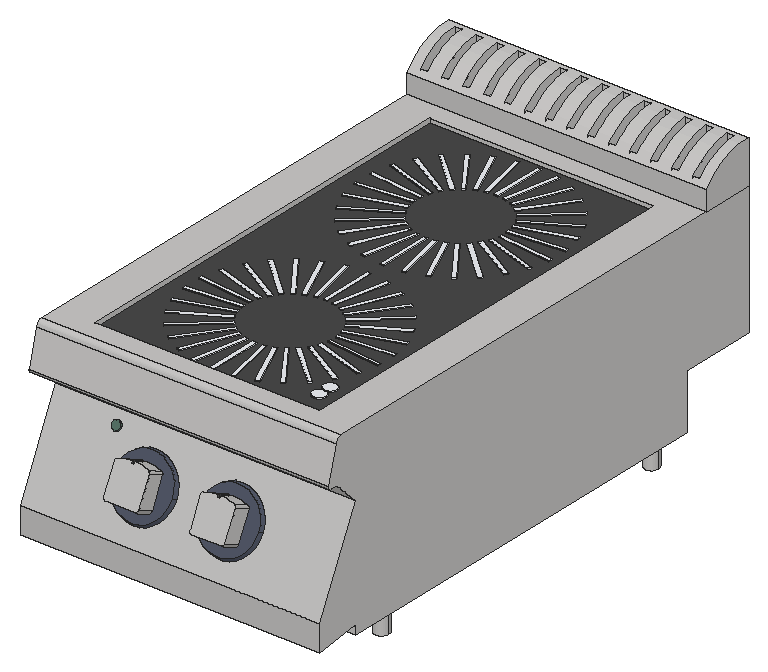
Revit family "QF_ZANUSSI_372024_Z7IRED2000", category Specialty Equipment, Revit 2018 (continued)
Lines and regions (mm)
  symbolic lines
    curve 296: line (143.751, -529.981, 266.887) -> (73.947, -552.662, 266.887)
    curve 297: line (73.947, -552.662, 266.887) -> (75.492, -557.417, 266.887)
    curve 298: line (87.045, -582.375, 266.887) -> (150.608, -545.677, 266.887)
    curve 299: line (150.608, -545.677, 266.887) -> (148.108, -541.347, 266.887)
    curve 300: line (148.108, -541.347, 266.887) -> (84.545, -578.045, 266.887)
    curve 301: line (84.545, -578.045, 266.887) -> (87.045, -582.375, 266.887)
    curve 302: line (103.535, -604.386, 266.887) -> (158.078, -555.275, 266.887)
    curve 303: line (158.078, -555.275, 266.887) -> (154.733, -551.559, 266.887)
    curve 304: line (154.733, -551.559, 266.887) -> (100.189, -600.671, 266.887)
    curve 305: line (100.189, -600.671, 266.887) -> (103.535, -604.386, 266.887)
    curve 306: line (124.24, -622.488, 266.887) -> (167.381, -563.109, 266.887)
    curve 307: line (167.381, -563.109, 266.887) -> (163.336, -560.17, 266.887)
    curve 308: line (163.336, -560.17, 266.887) -> (120.195, -619.549, 266.887)
    curve 309: line (120.195, -619.549, 266.887) -> (124.24, -622.488, 266.887)
    curve 310: line (148.257, -635.889, 266.887) -> (178.109, -568.839, 266.887)
    curve 311: line (178.109, -568.839, 266.887) -> (173.542, -566.805, 266.887)
    curve 312: line (173.542, -566.805, 266.887) -> (143.689, -633.855, 266.887)
    curve 313: line (143.689, -633.855, 266.887) -> (148.257, -635.889, 266.887)
    curve 314: line (0, -700, 0) -> (400.05, -700, 0)
    curve 315: line (119.525, -700, 0) -> (119.525, -724.347, 0)
    curve 316: arc (119.525, -724.347, 0) -> (119.671, -724.811, 0) -> (120.057, -725.107, 0) r 0.809
    curve 317: arc (120.057, -725.107, 0) -> (121.245, -725.587, 0) -> (122.522, -725.68, 0) r 4.127
    curve 318: arc (119.525, -704.292, 0) -> (114.484, -702.458, 0) -> (109.716, -700, 0) r 42.24
    curve 319: arc (119.525, -706.539, 0) -> (120.027, -705.818, 0) -> (120.824, -705.448, 0) r 1.682
    curve 320: arc (120.824, -705.448, 0) -> (131.127, -703.95, 0) -> (141.525, -703.441, 0) r 109.079
    curve 321: line (141.525, -700, 0) -> (141.525, -705.671, 0)
    curve 322: line (141.525, -705.671, 0) -> (143.525, -705.671, 0)
    curve 323: line (143.525, -705.671, 0) -> (143.525, -700, 0)
    curve 324: line (165.525, -700, 0) -> (165.525, -724.347, 0)
    curve 325: arc (165.525, -724.347, 0) -> (165.379, -724.811, 0) -> (164.993, -725.107, 0) r 0.809
    curve 326: arc (164.993, -725.107, 0) -> (163.805, -725.587, 0) -> (162.528, -725.68, 0) r 4.127
    curve 327: arc (165.525, -704.292, 0) -> (170.566, -702.458, 0) -> (175.334, -700, 0) r 42.24
    curve 328: arc (165.525, -706.539, 0) -> (165.023, -705.818, 0) -> (164.226, -705.448, 0) r 1.682
    curve 329: arc (164.226, -705.448, 0) -> (153.923, -703.95, 0) -> (143.525, -703.441, 0) r 109.079
    curve 330: line (122.522, -725.68, 0) -> (162.528, -725.68, 0)
    curve 331: line (280.525, -700, 0) -> (280.525, -724.347, 0)
    curve 332: arc (280.525, -724.347, 0) -> (280.379, -724.811, 0) -> (279.993, -725.107, 0) r 0.809
    curve 333: arc (279.993, -725.107, 0) -> (278.805, -725.587, 0) -> (277.528, -725.68, 0) r 4.127
    curve 334: arc (280.525, -704.292, 0) -> (285.566, -702.458, 0) -> (290.334, -700, 0) r 42.24
    curve 335: arc (280.525, -706.539, 0) -> (280.023, -705.818, 0) -> (279.226, -705.448, 0) r 1.682
    curve 336: arc (279.226, -705.448, 0) -> (268.923, -703.95, 0) -> (258.525, -703.441, 0) r 109.079
    curve 337: line (258.525, -700, 0) -> (258.525, -705.671, 0)
    curve 338: line (258.525, -705.671, 0) -> (256.525, -705.671, 0)
    curve 339: line (256.525, -705.671, 0) -> (256.525, -700, 0)
    curve 340: line (234.525, -700, 0) -> (234.525, -724.347, 0)
    curve 341: arc (234.525, -724.347, 0) -> (234.671, -724.811, 0) -> (235.057, -725.107, 0) r 0.809
    curve 342: arc (235.057, -725.107, 0) -> (236.245, -725.587, 0) -> (237.522, -725.68, 0) r 4.127
    curve 343: arc (234.525, -704.292, 0) -> (229.484, -702.458, 0) -> (224.716, -700, 0) r 42.24
    curve 344: arc (234.525, -706.539, 0) -> (235.027, -705.818, 0) -> (235.824, -705.448, 0) r 1.682
    curve 345: arc (235.824, -705.448, 0) -> (246.127, -703.95, 0) -> (256.525, -703.441, 0) r 109.079
    curve 346: line (277.528, -725.68, 0) -> (237.522, -725.68, 0)
    curve 347: line (165.525, -715, 0) -> (234.525, -715, 0)
    curve 348: line (280.525, -715, 0) -> (400.05, -715, 0)
    curve 349: line (0, -715, 0) -> (119.525, -715, 0)
    curve 350: circle (327.057, -606.884, 273.237) r 9 normal (0, 0, 1)
    curve 351: circle (327.057, -624.884, 273.237) r 9 normal (0, 0, 1)
Dimensions and locks
  equal spacing: plane 3 "LEFT", plane 7 "Center Y", plane 4 "RIGHT"
  "Width": plane 3 "LEFT" to plane 4 "RIGHT"
  equal spacing: plane 5 "FRONT", plane 8 "Center X", plane 1 "BACK"
  "Depth": plane 5 "FRONT" to plane 1 "BACK"
  "Height": plane 6 "TOP" to level
  "Base Height": plane 9 "BASE" to level
  plane 1 "BACK" to plane 5 "FRONT" = 715.00 mm
  plane 10 "TOP A" to plane 9 "BASE" = 250.00 mm
  plane 1 "BACK" to plane 13 = 700.00 mm
  aligned and locked: level to plane 2
  aligned and locked: plane 4 "RIGHT" to Extrusion 1
  aligned and locked: plane 4 "RIGHT" to Extrusion 2
  aligned and locked: plane 9 "BASE" to Extrusion 18
  aligned and locked: plane 6 "TOP" to Extrusion 20
Automatic sketch dimensions
  Extrusion 21 sketch curve to Extrusion 21 sketch curve = 5.00 mm
  Extrusion 21 sketch curve to Extrusion 21 sketch curve = 73.396 mm
  Extrusion 22 sketch curve to Extrusion 22 sketch curve = 5.00 mm
  Extrusion 22 sketch curve to Extrusion 22 sketch curve = 73.396 mm
  Extrusion 23 sketch curve to Extrusion 23 sketch curve = 5.00 mm
  Extrusion 23 sketch curve to Extrusion 23 sketch curve = 73.396 mm
  Extrusion 24 sketch curve to Extrusion 24 sketch curve = 5.00 mm
  Extrusion 24 sketch curve to Extrusion 24 sketch curve = 73.396 mm
  Extrusion 25 sketch curve to Extrusion 25 sketch curve = 5.00 mm
  Extrusion 25 sketch curve to Extrusion 25 sketch curve = 73.396 mm
  Extrusion 26 sketch curve to Extrusion 26 sketch curve = 5.00 mm
  Extrusion 26 sketch curve to Extrusion 26 sketch curve = 73.396 mm
  Extrusion 27 sketch curve to Extrusion 27 sketch curve = 5.00 mm
  Extrusion 27 sketch curve to Extrusion 27 sketch curve = 73.396 mm
  Extrusion 28 sketch curve to Extrusion 28 sketch curve = 5.00 mm
  Extrusion 28 sketch curve to Extrusion 28 sketch curve = 73.396 mm
  Extrusion 29 sketch curve to Extrusion 29 sketch curve = 5.00 mm
  Extrusion 29 sketch curve to Extrusion 29 sketch curve = 73.396 mm
  Extrusion 30 sketch curve to Extrusion 30 sketch curve = 5.00 mm
  Extrusion 30 sketch curve to Extrusion 30 sketch curve = 73.396 mm
  Extrusion 31 sketch curve to Extrusion 31 sketch curve = 5.00 mm
  Extrusion 31 sketch curve to Extrusion 31 sketch curve = 73.396 mm
  Extrusion 32 sketch curve to Extrusion 32 sketch curve = 5.00 mm
  Extrusion 32 sketch curve to Extrusion 32 sketch curve = 73.396 mm
  Extrusion 33 sketch curve to Extrusion 33 sketch curve = 5.00 mm
  Extrusion 33 sketch curve to Extrusion 33 sketch curve = 73.396 mm
  Extrusion 34 sketch curve to Extrusion 34 sketch curve = 5.00 mm
  Extrusion 34 sketch curve to Extrusion 34 sketch curve = 73.396 mm
  Extrusion 35 sketch curve to Extrusion 35 sketch curve = 5.00 mm
  Extrusion 35 sketch curve to Extrusion 35 sketch curve = 73.396 mm
  Extrusion 36 sketch curve to Extrusion 36 sketch curve = 5.00 mm
  Extrusion 36 sketch curve to Extrusion 36 sketch curve = 73.396 mm
  Extrusion 37 sketch curve to Extrusion 37 sketch curve = 5.00 mm
  Extrusion 37 sketch curve to Extrusion 37 sketch curve = 73.396 mm
  Extrusion 38 sketch curve to Extrusion 38 sketch curve = 5.00 mm
  Extrusion 38 sketch curve to Extrusion 38 sketch curve = 73.396 mm
  Extrusion 39 sketch curve to Extrusion 39 sketch curve = 5.00 mm
  Extrusion 39 sketch curve to Extrusion 39 sketch curve = 73.396 mm
  Extrusion 40 sketch curve to Extrusion 40 sketch curve = 5.00 mm
  Extrusion 40 sketch curve to Extrusion 40 sketch curve = 73.396 mm
  Extrusion 41 sketch curve to Extrusion 41 sketch curve = 5.00 mm
  Extrusion 41 sketch curve to Extrusion 41 sketch curve = 73.396 mm
  Extrusion 42 sketch curve to Extrusion 42 sketch curve = 5.00 mm
  Extrusion 42 sketch curve to Extrusion 42 sketch curve = 73.396 mm
  Extrusion 43 sketch curve to Extrusion 43 sketch curve = 5.00 mm
  Extrusion 43 sketch curve to Extrusion 43 sketch curve = 73.396 mm
  Extrusion 44 sketch curve to Extrusion 44 sketch curve = 5.00 mm
  Extrusion 44 sketch curve to Extrusion 44 sketch curve = 73.396 mm
  Extrusion 45 sketch curve to Extrusion 45 sketch curve = 5.00 mm
  Extrusion 45 sketch curve to Extrusion 45 sketch curve = 73.396 mm
  Extrusion 46 sketch curve to Extrusion 46 sketch curve = 5.00 mm
  Extrusion 46 sketch curve to Extrusion 46 sketch curve = 73.396 mm
  Extrusion 47 sketch curve to Extrusion 47 sketch curve = 5.00 mm
  Extrusion 47 sketch curve to Extrusion 47 sketch curve = 73.396 mm
  Extrusion 48 sketch curve to Extrusion 48 sketch curve = 5.00 mm
  Extrusion 48 sketch curve to Extrusion 48 sketch curve = 73.396 mm
  Extrusion 49 sketch curve to Extrusion 49 sketch curve = 5.00 mm
  Extrusion 49 sketch curve to Extrusion 49 sketch curve = 73.396 mm
  Extrusion 50 sketch curve to Extrusion 50 sketch curve = 5.00 mm
  Extrusion 50 sketch curve to Extrusion 50 sketch curve = 73.396 mm
  Extrusion 51 sketch curve to Extrusion 51 sketch curve = 5.00 mm
  Extrusion 51 sketch curve to Extrusion 51 sketch curve = 73.396 mm
  Extrusion 52 sketch curve to Extrusion 52 sketch curve = 5.00 mm
  Extrusion 52 sketch curve to Extrusion 52 sketch curve = 73.396 mm
  Extrusion 53 sketch curve to Extrusion 53 sketch curve = 5.00 mm
  Extrusion 53 sketch curve to Extrusion 53 sketch curve = 73.396 mm
  Extrusion 54 sketch curve to Extrusion 54 sketch curve = 5.00 mm
  Extrusion 54 sketch curve to Extrusion 54 sketch curve = 73.396 mm
  Extrusion 55 sketch curve to Extrusion 55 sketch curve = 5.00 mm
  Extrusion 55 sketch curve to Extrusion 55 sketch curve = 73.396 mm
  Extrusion 56 sketch curve to Extrusion 56 sketch curve = 5.00 mm
  Extrusion 56 sketch curve to Extrusion 56 sketch curve = 73.396 mm
  Extrusion 57 sketch curve to Extrusion 57 sketch curve = 5.00 mm
  Extrusion 57 sketch curve to Extrusion 57 sketch curve = 73.396 mm
  Extrusion 58 sketch curve to Extrusion 58 sketch curve = 5.00 mm
  Extrusion 58 sketch curve to Extrusion 58 sketch curve = 73.396 mm
  Extrusion 59 sketch curve to Extrusion 59 sketch curve = 5.00 mm
  Extrusion 59 sketch curve to Extrusion 59 sketch curve = 73.396 mm
  Extrusion 60 sketch curve to Extrusion 60 sketch curve = 5.00 mm
  Extrusion 60 sketch curve to Extrusion 60 sketch curve = 73.396 mm
  Extrusion 61 sketch curve to Extrusion 61 sketch curve = 5.00 mm
  Extrusion 61 sketch curve to Extrusion 61 sketch curve = 73.396 mm
  Extrusion 62 sketch curve to Extrusion 62 sketch curve = 5.00 mm
  Extrusion 62 sketch curve to Extrusion 62 sketch curve = 73.396 mm
  Extrusion 63 sketch curve to Extrusion 63 sketch curve = 5.00 mm
  Extrusion 63 sketch curve to Extrusion 63 sketch curve = 73.396 mm
  Extrusion 64 sketch curve to Extrusion 64 sketch curve = 5.00 mm
  Extrusion 64 sketch curve to Extrusion 64 sketch curve = 73.396 mm
  Extrusion 65 sketch curve to Extrusion 65 sketch curve = 5.00 mm
  Extrusion 65 sketch curve to Extrusion 65 sketch curve = 73.396 mm
  Extrusion 66 sketch curve to Extrusion 66 sketch curve = 5.00 mm
  Extrusion 66 sketch curve to Extrusion 66 sketch curve = 73.396 mm
  Extrusion 67 sketch curve to Extrusion 67 sketch curve = 5.00 mm
  Extrusion 67 sketch curve to Extrusion 67 sketch curve = 73.396 mm
  Extrusion 68 sketch curve to Extrusion 68 sketch curve = 5.00 mm
  Extrusion 68 sketch curve to Extrusion 68 sketch curve = 73.396 mm
  Extrusion 69 sketch curve to Extrusion 69 sketch curve = 5.00 mm
  Extrusion 69 sketch curve to Extrusion 69 sketch curve = 73.396 mm
  Extrusion 70 sketch curve to Extrusion 70 sketch curve = 5.00 mm
  Extrusion 70 sketch curve to Extrusion 70 sketch curve = 73.396 mm
  Extrusion 71 sketch curve to Extrusion 71 sketch curve = 5.00 mm
  Extrusion 71 sketch curve to Extrusion 71 sketch curve = 73.396 mm
  Extrusion 72 sketch curve to Extrusion 72 sketch curve = 5.00 mm
  Extrusion 72 sketch curve to Extrusion 72 sketch curve = 73.396 mm
  Extrusion 73 sketch curve to Extrusion 73 sketch curve = 5.00 mm
  Extrusion 73 sketch curve to Extrusion 73 sketch curve = 73.396 mm
  Extrusion 74 sketch curve to Extrusion 74 sketch curve = 5.00 mm
  Extrusion 74 sketch curve to Extrusion 74 sketch curve = 73.396 mm
  Extrusion 75 sketch curve to Extrusion 75 sketch curve = 5.00 mm
  Extrusion 75 sketch curve to Extrusion 75 sketch curve = 73.396 mm
  Extrusion 76 sketch curve to Extrusion 76 sketch curve = 5.00 mm
  Extrusion 76 sketch curve to Extrusion 76 sketch curve = 73.396 mm
  Extrusion 77 sketch curve to Extrusion 77 sketch curve = 5.00 mm
  Extrusion 77 sketch curve to Extrusion 77 sketch curve = 73.396 mm
  Extrusion 78 sketch curve to Extrusion 78 sketch curve = 5.00 mm
  Extrusion 78 sketch curve to Extrusion 78 sketch curve = 73.396 mm
  Extrusion 79 sketch curve to Extrusion 79 sketch curve = 5.00 mm
  Extrusion 79 sketch curve to Extrusion 79 sketch curve = 73.396 mm
  Extrusion 80 sketch curve to Extrusion 80 sketch curve = 5.00 mm
  Extrusion 80 sketch curve to Extrusion 80 sketch curve = 73.396 mm
  Extrusion 2 sketch curve to plane 10 "TOP A" = 0.00 mm
  Extrusion 2 sketch curve to plane 1 "BACK" = 0.00 mm
  Extrusion 2 sketch curve to plane 6 "TOP" = 0.00 mm
  plane 1 "BACK" to Extrusion 2 sketch curve = 1.769 mm
  plane 10 "TOP A" to Extrusion 2 sketch curve = 25.40 mm
  plane 1 "BACK" to Extrusion 2 sketch curve = 69.85 mm
  Extrusion 3 sketch curve to plane 4 "RIGHT" = 50.00 mm
  plane 3 "LEFT" to Extrusion 3 sketch curve = 50.00 mm
  Extrusion 3 sketch curve to plane 12 = 54.376 mm
  plane 11 to Extrusion 3 sketch curve = 55.377 mm
  plane 1 "BACK" to Extrusion 4 sketch curve = 6.761 mm
  plane 3 "LEFT" to Extrusion 4 sketch curve = 22.749 mm
  Extrusion 4 sketch curve to Extrusion 4 sketch curve = 9.296 mm
  Extrusion 4 sketch curve to Extrusion 4 sketch curve = 57.15 mm
  Extrusion 5 sketch curve to plane 1 "BACK" = 6.761 mm
  plane 4 "RIGHT" to Extrusion 5 sketch curve = 22.749 mm
  Extrusion 5 sketch curve to Extrusion 5 sketch curve = 9.296 mm
  Extrusion 5 sketch curve to Extrusion 5 sketch curve = 57.15 mm
  plane 1 "BACK" to Extrusion 6 sketch curve = 6.761 mm
  plane 3 "LEFT" to Extrusion 6 sketch curve = 50.737 mm
  Extrusion 6 sketch curve to Extrusion 6 sketch curve = 9.296 mm
  Extrusion 6 sketch curve to Extrusion 6 sketch curve = 57.15 mm
  plane 1 "BACK" to Extrusion 7 sketch curve = 6.761 mm
  plane 3 "LEFT" to Extrusion 7 sketch curve = 78.725 mm
  Extrusion 7 sketch curve to Extrusion 7 sketch curve = 9.296 mm
  Extrusion 7 sketch curve to Extrusion 7 sketch curve = 57.15 mm
  plane 1 "BACK" to Extrusion 8 sketch curve = 6.761 mm
  Extrusion 8 sketch curve to plane 7 "Center Y" = 93.311 mm
  Extrusion 8 sketch curve to Extrusion 8 sketch curve = 9.296 mm
  Extrusion 8 sketch curve to Extrusion 8 sketch curve = 57.15 mm
  plane 1 "BACK" to Extrusion 9 sketch curve = 6.761 mm
  Extrusion 9 sketch curve to plane 7 "Center Y" = 65.323 mm
  Extrusion 9 sketch curve to Extrusion 9 sketch curve = 9.296 mm
  Extrusion 9 sketch curve to Extrusion 9 sketch curve = 57.15 mm
  plane 1 "BACK" to Extrusion 10 sketch curve = 6.761 mm
  Extrusion 10 sketch curve to plane 7 "Center Y" = 37.335 mm
  Extrusion 10 sketch curve to Extrusion 10 sketch curve = 9.296 mm
  Extrusion 10 sketch curve to Extrusion 10 sketch curve = 57.15 mm
  Extrusion 11 sketch curve to plane 7 "Center Y" = 9.346 mm
  Extrusion 11 sketch curve to Extrusion 11 sketch curve = 9.296 mm
  plane 1 "BACK" to Extrusion 11 sketch curve = 6.761 mm
  Extrusion 11 sketch curve to Extrusion 11 sketch curve = 57.15 mm
  plane 1 "BACK" to Extrusion 12 sketch curve = 6.761 mm
  plane 7 "Center Y" to Extrusion 12 sketch curve = 18.642 mm
  Extrusion 12 sketch curve to Extrusion 12 sketch curve = 9.296 mm
  Extrusion 12 sketch curve to Extrusion 12 sketch curve = 57.15 mm
  plane 1 "BACK" to Extrusion 13 sketch curve = 6.761 mm
  plane 7 "Center Y" to Extrusion 13 sketch curve = 46.63 mm
  Extrusion 13 sketch curve to Extrusion 13 sketch curve = 9.296 mm
  Extrusion 13 sketch curve to Extrusion 13 sketch curve = 57.15 mm
  plane 1 "BACK" to Extrusion 14 sketch curve = 6.761 mm
  plane 7 "Center Y" to Extrusion 14 sketch curve = 74.619 mm
  Extrusion 14 sketch curve to Extrusion 14 sketch curve = 9.296 mm
  Extrusion 14 sketch curve to Extrusion 14 sketch curve = 57.15 mm
  plane 1 "BACK" to Extrusion 15 sketch curve = 6.761 mm
  Extrusion 15 sketch curve to plane 4 "RIGHT" = 97.418 mm
  Extrusion 15 sketch curve to Extrusion 15 sketch curve = 9.296 mm
  Extrusion 15 sketch curve to Extrusion 15 sketch curve = 57.15 mm
  plane 1 "BACK" to Extrusion 16 sketch curve = 6.761 mm
  Extrusion 16 sketch curve to plane 4 "RIGHT" = 69.43 mm
  Extrusion 16 sketch curve to Extrusion 16 sketch curve = 9.296 mm
  Extrusion 16 sketch curve to Extrusion 16 sketch curve = 57.15 mm
  plane 1 "BACK" to Extrusion 17 sketch curve = 6.761 mm
  Extrusion 17 sketch curve to plane 4 "RIGHT" = 41.441 mm
  Extrusion 17 sketch curve to Extrusion 17 sketch curve = 9.296 mm
  Extrusion 17 sketch curve to Extrusion 17 sketch curve = 57.15 mm
  plane 11 to Extrusion 18 sketch curve = 0.00 mm  (x2)
  plane 12 to Extrusion 18 sketch curve = 0.00 mm  (x2)
  plane 3 "LEFT" to Extrusion 18 sketch curve = 11.112 mm  (x2)
  Extrusion 18 sketch curve to plane 4 "RIGHT" = 11.113 mm  (x2)
  plane 1 "BACK" to Extrusion 20 sketch curve = 0.00 mm
  Extrusion 20 sketch curve to plane 3 "LEFT" = 0.00 mm
  Extrusion 20 sketch curve to plane 4 "RIGHT" = 0.00 mm
  Extrusion 20 sketch curve to plane 3 "LEFT" = 150.019 mm
  plane 5 "FRONT" to Extrusion 20 sketch curve = 0.00 mm  (x2)
  plane 4 "RIGHT" to Extrusion 20 sketch curve = 150.019 mm
  Extrusion 20 sketch curve to plane 1 "BACK" = 150.019 mm
  curve 65 to plane 4 "RIGHT" = 0.00 mm
  curve 5 to plane 3 "LEFT" = 0.00 mm
  curve 63 to plane 3 "LEFT" = 0.00 mm
  plane 1 "BACK" to curve 5 = 0.00 mm
  plane 5 "FRONT" to curve 6 = 0.00 mm
  plane 4 "RIGHT" to curve 3 = 150.019 mm
  curve 12 to plane 4 "RIGHT" = 13.453 mm
  curve 11 to curve 14 = 9.296 mm
  curve 12 to curve 59 = 18.693 mm
  curve 59 to curve 62 = 9.296 mm
  curve 60 to curve 55 = 18.693 mm
  curve 55 to curve 56 = 9.296 mm
  plane 1 "BACK" to curve 51 = 6.761 mm
  curve 57 to curve 51 = 18.693 mm
  curve 51 to curve 52 = 9.296 mm
  curve 52 to curve 47 = 18.693 mm
  curve 47 to curve 48 = 9.296 mm
  plane 1 "BACK" to curve 43 = 6.761 mm
  curve 49 to curve 43 = 18.693 mm
  curve 43 to curve 44 = 9.296 mm
  plane 7 "Center Y" to curve 39 = 18.642 mm
  curve 39 to curve 40 = 9.296 mm
  curve 36 to plane 7 "Center Y" = 9.346 mm
  curve 35 to curve 38 = 9.296 mm
  curve 36 to curve 32 = 18.693 mm
  curve 31 to curve 32 = 9.296 mm
  plane 1 "BACK" to curve 30 = 6.761 mm
  curve 33 to curve 30 = 18.693 mm
  curve 27 to curve 28 = 9.296 mm
  plane 1 "BACK" to curve 23 = 6.761 mm
  curve 29 to curve 23 = 18.693 mm
  curve 23 to curve 24 = 9.296 mm
  curve 24 to curve 20 = 18.693 mm
  curve 19 to curve 20 = 9.296 mm
  curve 20 to curve 15 = 18.693 mm
  curve 15 to curve 16 = 9.296 mm
  curve 16 to curve 63 = 9.691 mm
  plane 1 "BACK" to curve 10 = 6.761 mm
  curve 17 to curve 10 = 18.693 mm
  curve 7 to curve 9 = 9.296 mm
  plane 5 "FRONT" to curve 1 = 1.377 mm
  curve 1 to plane 3 "LEFT" = 150.019 mm
  curve 2 to plane 1 "BACK" = 150.019 mm
  plane 1 "BACK" to curve 61 = 6.761 mm
  plane 1 "BACK" to curve 58 = 6.761 mm
  plane 1 "BACK" to curve 11 = 6.761 mm
  plane 1 "BACK" to curve 15 = 6.761 mm
  plane 1 "BACK" to curve 50 = 6.761 mm
  plane 1 "BACK" to curve 19 = 6.761 mm
  plane 1 "BACK" to curve 42 = 6.761 mm
  plane 1 "BACK" to curve 38 = 6.761 mm
  plane 1 "BACK" to curve 31 = 6.761 mm
  curve 33 to curve 33 = 57.15 mm
  curve 29 to curve 32 = 0.00 mm
  curve 31 to curve 35 = 0.00 mm
  curve 25 to curve 28 = 0.00 mm
  curve 35 to curve 39 = 0.00 mm
  curve 21 to curve 24 = 0.00 mm
  curve 39 to curve 43 = 0.00 mm
  curve 17 to curve 20 = 0.00 mm
  curve 43 to curve 47 = 0.00 mm
  curve 13 to curve 13 = 57.15 mm
  curve 47 to curve 51 = 0.00 mm
  curve 9 to curve 16 = 0.00 mm
  curve 51 to curve 55 = 0.00 mm
  curve 55 to curve 61 = 0.00 mm
  curve 8 to curve 64 = 5.939 mm
  curve 11 to curve 65 = 5.939 mm
  curve 64 to plane 12 = 26.988 mm
  plane 5 "FRONT" to curve 3 = 1.377 mm
  curve 66 to Extrusion 3 = 11.994 mm
  curve 68 to curve 68 = 11.495 mm
  curve 66 to Extrusion 3 = 263.642 mm
  curve 66 to curve 68 = 32.256 mm
  curve 71 to Extrusion 3 = 0.00 mm  (x3)
  curve 70 to Extrusion 3 = 0.00 mm
  curve 74 to curve 76 = 5.00 mm
  curve 75 to curve 76 = 73.396 mm
  curve 78 to curve 80 = 5.00 mm
  curve 79 to curve 80 = 73.396 mm
  curve 82 to curve 84 = 5.00 mm
  curve 83 to curve 84 = 73.396 mm
  curve 86 to curve 88 = 5.00 mm
  curve 87 to curve 88 = 73.396 mm
  curve 90 to curve 92 = 5.00 mm
  curve 91 to curve 92 = 73.396 mm
  curve 94 to curve 96 = 5.00 mm
  curve 95 to curve 96 = 73.396 mm
  curve 98 to curve 100 = 5.00 mm
  curve 99 to curve 100 = 73.396 mm
  curve 102 to curve 104 = 5.00 mm
  curve 103 to curve 104 = 73.396 mm
  curve 106 to curve 108 = 5.00 mm
  curve 107 to curve 108 = 73.396 mm
  curve 110 to curve 112 = 5.00 mm
  curve 111 to curve 112 = 73.396 mm
  curve 114 to curve 116 = 5.00 mm
  curve 115 to curve 116 = 73.396 mm
  curve 118 to curve 120 = 5.00 mm
  curve 119 to curve 120 = 73.396 mm
  curve 122 to curve 124 = 5.00 mm
  curve 123 to curve 124 = 73.396 mm
  curve 126 to curve 128 = 5.00 mm
  curve 127 to curve 128 = 73.396 mm
  curve 130 to curve 132 = 5.00 mm
  curve 131 to curve 132 = 73.396 mm
  curve 134 to curve 136 = 5.00 mm
  curve 135 to curve 136 = 73.396 mm
  curve 138 to curve 140 = 5.00 mm
  curve 139 to curve 140 = 73.396 mm
  curve 142 to curve 144 = 5.00 mm
  curve 143 to curve 144 = 73.396 mm
  curve 146 to curve 148 = 5.00 mm
  curve 147 to curve 148 = 73.396 mm
  curve 150 to curve 152 = 5.00 mm
  curve 151 to curve 152 = 73.396 mm
  curve 154 to curve 156 = 5.00 mm
  curve 155 to curve 156 = 73.396 mm
  curve 158 to curve 160 = 5.00 mm
  curve 159 to curve 160 = 73.396 mm
  curve 162 to curve 164 = 5.00 mm
  curve 163 to curve 164 = 73.396 mm
  curve 166 to curve 168 = 5.00 mm
  curve 167 to curve 168 = 73.396 mm
  curve 170 to curve 172 = 5.00 mm
  curve 171 to curve 172 = 73.396 mm
  curve 174 to curve 176 = 5.00 mm
  curve 175 to curve 176 = 73.396 mm
  curve 178 to curve 180 = 5.00 mm
  curve 179 to curve 180 = 73.396 mm
  curve 182 to curve 184 = 5.00 mm
  curve 183 to curve 184 = 73.396 mm
  curve 186 to curve 188 = 5.00 mm
  curve 187 to curve 188 = 73.396 mm
  curve 190 to curve 192 = 5.00 mm
  curve 191 to curve 192 = 73.396 mm
  curve 194 to curve 196 = 5.00 mm
  curve 195 to curve 196 = 73.396 mm
  curve 198 to curve 200 = 5.00 mm
  curve 199 to curve 200 = 73.396 mm
  curve 202 to curve 204 = 5.00 mm
  curve 203 to curve 204 = 73.396 mm
  curve 206 to curve 208 = 5.00 mm
  curve 207 to curve 208 = 73.396 mm
  curve 210 to curve 212 = 5.00 mm
  curve 211 to curve 212 = 73.396 mm
  curve 214 to curve 216 = 5.00 mm
  curve 215 to curve 216 = 73.396 mm
  curve 218 to curve 220 = 5.00 mm
  curve 219 to curve 220 = 73.396 mm
  curve 222 to curve 224 = 5.00 mm
  curve 223 to curve 224 = 73.396 mm
  curve 226 to curve 228 = 5.00 mm
  curve 227 to curve 228 = 73.396 mm
  curve 230 to curve 232 = 5.00 mm
  curve 231 to curve 232 = 73.396 mm
  curve 234 to curve 236 = 5.00 mm
  curve 235 to curve 236 = 73.396 mm
  curve 238 to curve 240 = 5.00 mm
  curve 239 to curve 240 = 73.396 mm
  curve 242 to curve 244 = 5.00 mm
  curve 243 to curve 244 = 73.396 mm
  curve 246 to curve 248 = 5.00 mm
  curve 247 to curve 248 = 73.396 mm
  curve 250 to curve 252 = 5.00 mm
  curve 251 to curve 252 = 73.396 mm
  curve 254 to curve 256 = 5.00 mm
  curve 255 to curve 256 = 73.396 mm
  curve 258 to curve 260 = 5.00 mm
  curve 259 to curve 260 = 73.396 mm
  curve 262 to curve 264 = 5.00 mm
  curve 263 to curve 264 = 73.396 mm
  curve 266 to curve 268 = 5.00 mm
  curve 267 to curve 268 = 73.396 mm
  curve 270 to curve 272 = 5.00 mm
  curve 271 to curve 272 = 73.396 mm
  curve 274 to curve 276 = 5.00 mm
  curve 275 to curve 276 = 73.396 mm
  curve 278 to curve 280 = 5.00 mm
  curve 279 to curve 280 = 73.396 mm
  curve 282 to curve 284 = 5.00 mm
  curve 283 to curve 284 = 73.396 mm
  curve 286 to curve 288 = 5.00 mm
  curve 287 to curve 288 = 73.396 mm
  curve 290 to curve 292 = 5.00 mm
  curve 291 to curve 292 = 73.396 mm
  curve 294 to curve 296 = 5.00 mm
  curve 295 to curve 296 = 73.396 mm
  curve 298 to curve 300 = 5.00 mm
  curve 299 to curve 300 = 73.396 mm
  curve 302 to curve 304 = 5.00 mm
  curve 303 to curve 304 = 73.396 mm
  curve 306 to curve 308 = 5.00 mm
  curve 307 to curve 308 = 73.396 mm
  curve 310 to curve 312 = 5.00 mm
  curve 311 to curve 312 = 73.396 mm
  plane 9 "BASE" to Extrusion 19 sketch curve = 33.906 mm
  Extrusion 19 sketch curve to plane 4 "RIGHT" = 52.00 mm
  plane 3 "LEFT" to Blend 81 sketch curve = 142.50 mm  (x2)
  plane 3 "LEFT" to Extrusion 82 sketch curve = 119.50 mm
  Extrusion 82 sketch curve to Extrusion 82 sketch curve = 2.997 mm  (x3)
  Extrusion 82 sketch curve to Extrusion 82 sketch curve = 20.003 mm  (x2)
  plane 3 "LEFT" to Extrusion 82 sketch curve = 162.503 mm
  Extrusion 82 sketch curve to Extrusion 82 sketch curve = 5.399 mm
  Extrusion 82 sketch curve to Extrusion 82 sketch curve = 40.037 mm
  Extrusion 82 sketch curve to Extrusion 82 sketch curve = 0.00 mm  (x2)
  Extrusion 83 sketch curve to plane 14 "panel" = 35.00 mm
  Extrusion 83 sketch curve to plane 5 "FRONT" = 9.329 mm
  Extrusion 83 sketch curve to Extrusion 83 sketch curve = 3.00 mm
  Extrusion 83 sketch curve to Extrusion 83 sketch curve = 0.00 mm  (x2)
  Extrusion 83 sketch curve to Extrusion 83 sketch curve = 1.00 mm
  Extrusion 83 sketch curve to Extrusion 83 sketch curve = 15.00 mm
  plane 3 "LEFT" to Extrusion 84 sketch curve = 87.499 mm
  plane 3 "LEFT" to Extrusion 85 sketch curve = 125.00 mm
  Extrusion 85 sketch curve to Extrusion 85 sketch curve = 35.00 mm  (x2)
  Split face 1 sketch curve to Split face 1 sketch curve = 6.00 mm
  Split face 1 sketch curve to Split face 1 sketch curve = 10.00 mm
  Split face 2 sketch curve to Split face 2 sketch curve = 5.00 mm
  Split face 2 sketch curve to Split face 2 sketch curve = 9.00 mm
  Split face 3 sketch curve to Split face 3 sketch curve = 5.00 mm
  Split face 4 sketch curve to Split face 4 sketch curve = 5.00 mm
  plane 3 "LEFT" to Blend 86 sketch curve = 257.50 mm  (x2)
  plane 3 "LEFT" to Extrusion 87 sketch curve = 234.50 mm
  Extrusion 87 sketch curve to Extrusion 87 sketch curve = 2.997 mm  (x3)
  Extrusion 87 sketch curve to Extrusion 87 sketch curve = 20.003 mm  (x2)
  Extrusion 87 sketch curve to Extrusion 87 sketch curve = 40.005 mm
  Extrusion 87 sketch curve to Extrusion 87 sketch curve = 5.399 mm
  Extrusion 87 sketch curve to Extrusion 87 sketch curve = 40.037 mm
  Extrusion 87 sketch curve to Extrusion 87 sketch curve = 0.00 mm  (x2)
  plane 3 "LEFT" to Extrusion 88 sketch curve = 240.00 mm
  Extrusion 88 sketch curve to Extrusion 88 sketch curve = 35.00 mm  (x2)
  Split face 8 sketch curve to Split face 8 sketch curve = 6.00 mm
  Split face 8 sketch curve to Split face 8 sketch curve = 10.00 mm
  Split face 9 sketch curve to Split face 9 sketch curve = 5.00 mm
  Split face 9 sketch curve to Split face 9 sketch curve = 9.00 mm
  Split face 10 sketch curve to Split face 10 sketch curve = 5.00 mm
  Split face 11 sketch curve to Split face 11 sketch curve = 5.00 mm
  Extrusion 89 sketch curve to plane 14 "panel" = 35.00 mm
  Extrusion 89 sketch curve to plane 5 "FRONT" = 9.329 mm
  Extrusion 89 sketch curve to Extrusion 89 sketch curve = 3.00 mm
  Extrusion 89 sketch curve to Extrusion 89 sketch curve = 0.00 mm
  Extrusion 89 sketch curve to Extrusion 89 sketch curve = 1.00 mm  (x2)
  Extrusion 89 sketch curve to Extrusion 89 sketch curve = 15.00 mm
  plane 5 "FRONT" to curve 5 = 0.00 mm
  curve 349 to plane 3 "LEFT" = 0.00 mm
  curve 314 to plane 3 "LEFT" = 0.00 mm
  curve 316 to curve 319 = 0.774 mm
  curve 316 to curve 317 = 1.846 mm
  curve 319 to curve 318 = 10.309 mm
  curve 320 to curve 329 = 1.738 mm
  curve 318 to curve 327 = 22.215 mm
  curve 326 to plane 7 "Center Y" = 37.129 mm
  curve 326 to curve 328 = 1.071 mm
  curve 326 to curve 325 = 1.846 mm
  plane 7 "Center Y" to curve 341 = 35.334 mm
  curve 341 to curve 344 = 0.774 mm
  curve 341 to curve 342 = 1.846 mm
  curve 344 to curve 343 = 10.309 mm
  plane 7 "Center Y" to curve 345 = 56.656 mm
  curve 345 to curve 336 = 1.738 mm
  curve 343 to curve 334 = 22.215 mm
  curve 333 to curve 335 = 1.071 mm
  plane 5 "FRONT" to curve 320 = 97.519 mm
  curve 320 to curve 329 = 0.00 mm
  curve 329 to curve 336 = 0.00 mm
  curve 345 to curve 336 = 0.00 mm
  curve 316 to curve 325 = 0.00 mm
  curve 341 to curve 332 = 0.00 mm
  curve 326 to curve 328 = 14.462 mm
  curve 342 to curve 344 = 14.462 mm
  curve 318 to curve 327 = 0.00 mm
  curve 343 to curve 334 = 0.00 mm
  curve 318 to curve 319 = 11.392 mm
  curve 316 to curve 316 = 0.809 mm
  curve 316 to curve 316 = 0.277 mm
  curve 319 to curve 319 = 0.284 mm
  curve 316 to curve 317 = 2.465 mm
  curve 319 to curve 321 = 20.417 mm
  curve 320 to curve 329 = 2.00 mm
  curve 330 to curve 325 = 2.189 mm
  curve 328 to curve 329 = 0.284 mm
  curve 325 to curve 325 = 0.277 mm
  curve 329 to curve 327 = 1.299 mm
  curve 324 to curve 327 = 9.809 mm
  curve 343 to curve 344 = 11.392 mm
  curve 341 to curve 341 = 0.277 mm
  curve 345 to curve 344 = 0.284 mm
  curve 342 to curve 342 = 2.465 mm
  curve 344 to curve 345 = 20.417 mm
  curve 339 to curve 337 = 2.00 mm
  curve 333 to curve 332 = 2.189 mm
  curve 335 to curve 336 = 0.284 mm
  curve 332 to curve 332 = 0.277 mm
  curve 336 to curve 334 = 1.299 mm
  curve 332 to curve 332 = 0.809 mm
  curve 331 to curve 334 = 9.809 mm
  plane 4 "RIGHT" to curve 314 = 0.05 mm
  plane 4 "RIGHT" to curve 348 = 0.05 mm
  curve 326 to curve 325 = 0.573 mm
  curve 342 to curve 341 = 0.573 mm
  curve 333 to curve 332 = 0.573 mm
  curve 317 to curve 349 = 6.567 mm
  curve 326 to curve 347 = 6.567 mm
  curve 331 to curve 348 = 9.347 mm
  curve 328 to curve 328 = 0.567 mm
  curve 344 to curve 344 = 0.567 mm
  curve 319 to curve 319 = 0.567 mm
  curve 335 to curve 335 = 0.567 mm
  curve 328 to curve 323 = 1.435 mm
  curve 344 to curve 339 = 1.435 mm
  curve 329 to curve 327 = 1.156 mm
  curve 345 to curve 343 = 1.156 mm
  curve 320 to curve 318 = 1.156 mm
  curve 336 to curve 334 = 1.156 mm
  curve 320 to curve 321 = 3.441 mm
  curve 327 to curve 324 = 4.292 mm
  curve 343 to curve 340 = 4.292 mm
  curve 334 to curve 331 = 4.292 mm
  curve 345 to curve 339 = 3.441 mm
  curve 318 to curve 315 = 4.292 mm
  plane 11 to curve 351 = 27.00 mm
  curve 351 to plane 4 "RIGHT" = 72.943 mm
  curve 350 to curve 351 = 0.00 mm
  plane 11 to curve 350 = 9.00 mm
  plane 11 to Extrusion 90 sketch curve = 9.00 mm
  Extrusion 90 sketch curve to plane 4 "RIGHT" = 72.943 mm
  Extrusion 91 sketch curve to plane 11 = 27.00 mm
  plane 4 "RIGHT" to Extrusion 91 sketch curve = 72.943 mm
  plane 11 to Extrusion 1 sketch curve = 117.116 mm
  Extrusion 1 sketch curve to plane 6 "TOP" = 110.989 mm
  plane 11 to Extrusion 1 sketch curve = 101.999 mm
  Extrusion 1 sketch curve to Extrusion 1 sketch curve = 2.884 mm
  Extrusion 1 sketch curve to Extrusion 1 sketch curve = 13.051 mm
  Extrusion 1 sketch curve to plane 6 "TOP" = 114.816 mm
  Extrusion 1 sketch curve to Extrusion 1 sketch curve = 10.198 mm
  Extrusion 1 sketch curve to Extrusion 1 sketch curve = 7.474 mm
  Extrusion 1 sketch curve to Extrusion 1 sketch curve = 56.355 mm
  Extrusion 1 sketch curve to Extrusion 1 sketch curve = 0.445 mm
  Extrusion 1 sketch curve to Extrusion 1 sketch curve = 3.20 mm
  Extrusion 1 sketch curve to plane 10 "TOP A" = 88.636 mm
  Extrusion 1 sketch curve to Extrusion 1 sketch curve = 31.82 mm
  plane 1 "BACK" to Extrusion 1 sketch curve = 103.00 mm
  Extrusion 1 sketch curve to plane 6 "TOP" = 58.00 mm
  Extrusion 1 sketch curve to plane 1 "BACK" = 0.00 mm
  Extrusion 1 sketch curve to plane 10 "TOP A" = 176.00 mm
  Extrusion 1 sketch curve to plane 10 "TOP A" = 209.492 mm
  Extrusion 1 sketch curve to Extrusion 1 sketch curve = 27.08 mm
  Extrusion 1 sketch curve to Extrusion 1 sketch curve = 35.00 mm
  Extrusion 1 sketch curve to Extrusion 1 sketch curve = 74.00 mm
  radius of Extrusion 18 sketch curve = 9.525 mm  (x4)
  radius of Extrusion 19 sketch curve = 12.70 mm
  radius of Blend 81 sketch curve = 42.50 mm
  radius of Blend 81 sketch curve = 40.50 mm
  radius of Extrusion 84 sketch curve = 6.00 mm
  radius of Split face 5 sketch curve = 2.029 mm
  radius of Split face 6 sketch curve = 1.50 mm
  radius of Blend 86 sketch curve = 42.50 mm
  radius of Blend 86 sketch curve = 40.50 mm
  radius of Split face 7 sketch curve = 1.50 mm
  radius of Split face 12 sketch curve = 2.031 mm
  radius of Split face 13 sketch curve = 1.50 mm
  radius of Split face 14 sketch curve = 1.50 mm
  radius of Split face 15 sketch curve = 1.50 mm
  radius of Split face 16 sketch curve = 1.50 mm
  radius of Split face 17 sketch curve = 1.50 mm
  radius of Split face 18 sketch curve = 1.50 mm
  radius of Split face 19 sketch curve = 1.50 mm
  radius of Split face 20 sketch curve = 1.50 mm
  radius of Split face 21 sketch curve = 1.50 mm
  radius of Split face 22 sketch curve = 1.50 mm
  radius of Split face 23 sketch curve = 1.50 mm
  radius of Split face 24 sketch curve = 1.50 mm
  radius of curve 350 = 9.00 mm
  radius of curve 351 = 9.00 mm
  radius of Extrusion 90 sketch curve = 9.00 mm
  radius of Extrusion 91 sketch curve = 9.00 mm
Connectors
  electrical at (348, -88.9, 57.906), driven by "Volts", driven by "Watts"
    settings: on Extrusion 19, index 1, voltage 400 V, apparent load 4400 VA, apparent load phase1 0 VA, apparent load phase2 0 VA, apparent load phase3 0 VA, power factor 1, load classification "Other", number of poles 1, system type 30, power factor state 1, is connector primary yes, connector utility no, sub classification motor no, connector description "Electrical Connection"
